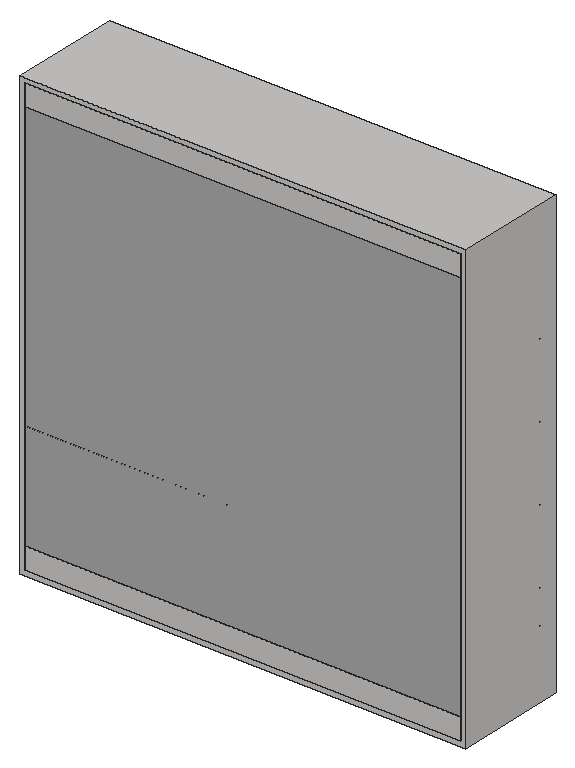
Revit family
Parameters (values of type "Louver_Acoustical_SAJ-1235_All-Lite")
  URL = "http://www.alllite-louvers.com"
  Specifications = "http://www.alllite-louvers.com/catalog/ASAJ-1235-csi-specification.doc"
  Spacing = 0.667 ft
  SmartBIM Object Version = 3  # constant formula
  SmartBIM Object Created By = "Reed Construction Data"  # constant formula
  Shim Thickness = 0.042 ft
  Screen Width = Width - (2 * Shim Thickness)  # 3.916 ft
  Screen Height = Height - ((2 * 0.197917 ft) + (2 * Shim Thickness))  # 3.520167 ft
  Screen = Aluminum
  Rough Width = 0.0 ft
  Rough Height = 0.0 ft
  Product URL = "http://www.alllite-louvers.com/catalog.php?model=SAJ-1235"
  Pressure Loss (in.wg.) = "0.08"  # constant formula
  OmniClass Title = "Exterior Louvers and Grilles"  # constant formula
  OmniClass Code = "23-60 11 17"  # constant formula
  Model Number = "SAJ-1235"  # constant formula
  Minimum Size = "12\" x 32\""
  Maximum Size - Single Section = "48\" x 96\""
  Maximum Size - Multiple Section = "Unlimited"
  Manufacturer = "All-Lite"  # constant formula
  Louver Width = Width - (2 * Shim Thickness) - 0.166667 ft  # 3.749333 ft
  Louver = Galvannealed Steel
  Height = 4.0 ft
  Free Area for 48”x48” Louver = "30.6%"
  Free Area Velocity (fpm) = "924"  # constant formula
  Free Area (ft²) for 48"x48" Louver = 4.9 ft
  Frame = Galvannealed Steel
  Default Sill Height = 3.0 ft
  Wall Closure = (empty or 0)
  Width = 4.0 ft
  Cut Sheet = "http://www.alllite-louvers.com/catalog/ASAJ1235.pdf"
  Assembly Code = "B2010300"
  Air Volume Delivered (cfm) = "4528"  # constant formula
  95 CSI = "10200 "  # constant formula
  04 CSI = "08 91 00"  # constant formula
  # of Louvers = (Height - 1.5 ft) / (Spacing)  # 4
Reference planes (ft)
  plane 1 "Center (Front/Back)": y = 0
  plane 2: z = 0.291667
  plane 3 "Center (Left/Right)": x = 0
  plane 4 "Left": x = -2
  plane 5 "Right": x = 2
  plane 6 "Sill": z = 3.291667
  plane 7 "Top": z = 7.291667
  plane 8: x = -1.958
  plane 9: x = 1.958
  plane 10: z = 7.249667
  plane 11: z = 3.333667
  plane 12: z = 5.291667
  plane 13: z = 3.417
  plane 14: z = 3.792
  plane 15: z = 7.166333
  plane 16: z = 7.124667
  plane 17: z = 6.791333
Forms (ft)
  Sweep 1, solid, material "Galvannealed Steel" <- "Frame"
    path origin (-5, 0.75, 0) x (-1, 0, 0) y (0, 0, 1)
      loop
        line (-6.958, 7.249667) -> (-3.042, 7.249667)
    profile "Horizontal Mullion : Horizontal Mullion" origin (0, 0.75, 7.249667) x (0, 0, 1) y (0, 1, 0)
      loop
        line (0, 0) -> (-0.083333, 0) -> (-0.083333, -1) -> (-0.197917, -1) -> (-0.197917, -1.00675) -> (0, -1.00675) -> (0, -0.965083) -> (-0.00675, -0.965083) -> (-0.00675, -1) -> (-0.076583, -1) -> (-0.076583, -0.006628) -> (-0.00675, -0.006628) -> (-0.00675, -0.041545) -> (0, -0.041545) -> (0, 0)
  Sweep 2, solid, material "Galvannealed Steel" <- "Frame"
    path origin (-5, 0.75, 0) x (-1, 0, 0) y (0, 0, 1)
      loop
        line (-6.958, 3.333667) -> (-3.042, 3.333667)
    profile "Horizontal Mullion : Horizontal Mullion" origin (0, 0.75, 3.333667) x (0, 0, 1) y (0, 1, 0)
      loop
        line (0, 0) -> (0, -0.041545) -> (0.00675, -0.041545) -> (0.00675, -0.006628) -> (0.076583, -0.006628) -> (0.076583, -1) -> (0.00675, -1) -> (0.00675, -0.965083) -> (0, -0.965083) -> (0, -1.00675) -> (0.197917, -1.00675) -> (0.197917, -1) -> (0.083333, -1) -> (0.083333, 0) -> (0, 0)
  Sweep 3, solid, material "Galvannealed Steel" <- "Frame"
    path origin (-5, 0.75, 0) x (-1, 0, 0) y (0, 0, 1)
      loop
        line (-6.958, 3.417) -> (-6.958, 7.166333)
    profile "Vertical Mullion : Vertical Mullion" origin (1.958, 0.75, 5.291667) x (1, 0, 0) y (0, 1, 0)
      loop
        line (0, -0.96875) -> (-0.010417, -0.96875) -> (-0.010417, -0.989583) -> (-0.072917, -0.989583) -> (-0.072917, -0.010417) -> (-0.010417, -0.010417) -> (-0.010417, -0.03125) -> (0, -0.03125) -> (0, 0) -> (-0.083333, 0) -> (-0.083333, -1) -> (0, -1) -> (0, -0.96875)
  Sweep 4, solid, material "Galvannealed Steel" <- "Frame"
    path origin (5, 0.75, 0) x (1, 0, 0) y (0, 0, -1)
      loop
        line (-6.958, -3.417) -> (-6.958, -7.166333)
    profile "Vertical Mullion : Vertical Mullion" origin (-1.958, 0.75, 5.291667) x (1, 0, 0) y (0, 1, 0)
      loop
        line (0, -0.96875) -> (0, -1) -> (0.083333, -1) -> (0.083333, 0) -> (0, 0) -> (0, -0.03125) -> (0.010417, -0.03125) -> (0.010417, -0.010417) -> (0.072917, -0.010417) -> (0.072917, -0.989583) -> (0.010417, -0.989583) -> (0.010417, -0.96875) -> (0, -0.96875)
  Sweep 5, solid, material "Galvannealed Steel" <- "Frame"
    path origin (-5, 0.75, 0) x (-1, 0, 0) y (0, 0, 1)
      loop
        line (-3, 7.291667) -> (-7, 7.291667) -> (-7, 3.291667) -> (-3, 3.291667) -> (-3, 7.291667)
    profile origin (-2, 0.75, 5.291667) x (0, 1, 0) y (-1, 0, 0)
      loop
        line (0, 0) -> (-1.00675, 0) -> (-1.00675, -0.042) -> (0, -0.042) -> (0, 0)
  Extrusion 6, solid, material "Aluminum" <- "Screen"
    sketch origin (0, 0, 0) x (1, 0, 0) y (0, 1, 0)
      loop
        line (-1.958, -0.25) -> (-1.958, -0.25675) -> (1.958, -0.25675) -> (1.958, -0.25) -> (-1.958, -0.25)
    from 3.531583 to 7.05175
  Sweep 7, solid, material "Galvannealed Steel" <- "Frame"
    path origin (-5, 0.75, 0) x (-1, 0, 0) y (0, 0, 1)
      loop
        line (-6.874667, 3.417) -> (-3.042, 3.417)
    profile origin (-0.041667, 0.75, 3.417) x (0, 0, 1) y (0, 1, 0)
      loop
        line (3.616683, -1) -> (3.749333, -1) -> (3.749333, 0) -> (2.916475, 0) -> (3.616683, -1)
      loop
        line (0.375, 0) -> (0, 0) -> (0, -1) -> (1.075208, -1) -> (0.375, 0)
Lines and regions (ft)
  Opening 1
    outline origin (-5, -0.75, 0) x (1, 0, 0) y (0, 0, 1)
      loop
        line (3, 7.291667) -> (3, 3.291667) -> (7, 3.291667) -> (7, 7.291667) -> (3, 7.291667)
  Masking region 1, detail levels coarse+medium
    outline origin (0, 0, 0) x (1, 0, 0) y (0, 1, 0)
      loop
        line (-2, -0.25675) -> (-1.874667, -0.25675) -> (-1.874667, 0.75) -> (-2, 0.75) -> (-2, -0.25675)
      loop
        line (2, 0.75) -> (1.874667, 0.75) -> (1.874667, -0.25675) -> (2, -0.25675) -> (2, 0.75)
  Masking region 2, detail levels fine
    outline origin (0, 0, 0) x (1, 0, 0) y (0, 1, 0)
      loop
        line (1.885083, 0.739583) -> (1.947583, 0.739583) -> (1.947583, 0.71875) -> (1.958, 0.71875) -> (1.958, 0.75) -> (1.874667, 0.75) -> (1.874667, -0.25) -> (1.958, -0.25) -> (1.958, -0.21875) -> (1.947583, -0.21875) -> (1.947583, -0.239583) -> (1.885083, -0.239583) -> (1.885083, 0.739583)
      loop
        line (-1.874667, -0.25) -> (-1.874667, 0.75) -> (-1.958, 0.75) -> (-1.958, 0.71875) -> (-1.947583, 0.71875) -> (-1.947583, 0.739583) -> (-1.885083, 0.739583) -> (-1.885083, -0.239583) -> (-1.947583, -0.239583) -> (-1.947583, -0.21875) -> (-1.958, -0.21875) -> (-1.958, -0.25) -> (-1.874667, -0.25)
Text (ft)
  text "EXTERIOR" at (-4.890733, 4.242245, 0), in view "Ref. Level"
  text "INTERIOR" at (-4.890733, -3.147199, 0), in view "Ref. Level"
  text "Exterior" at (0, 3.638026, 10.266337), in view "Left"
  text "Exterior" at (0, 1.524487, 10.420622), in view "Right"
Dimensions and locks (ft)
  equal spacing: plane 4 "Left", plane 3 "Center (Left/Right)", plane 5 "Right"
  "Width": plane 4 "Left" to plane 5 "Right"
  "Height": plane 6 "Sill" to plane 7 "Top"
  "Default Sill Height": plane 2 to plane 6 "Sill"
  "Shim Thickness": plane 4 "Left" to plane 8
  "Shim Thickness": plane 9 to plane 5 "Right"
  "Shim Thickness": plane 10 to plane 7 "Top"
  "Shim Thickness": plane 6 "Sill" to plane 11
  equal spacing: plane 11, plane 12, plane 10
  locked: plane 13 to plane 11 at 0.083333
  locked: plane 10 to plane 15 at 0.083333
  locked: plane 15 to plane 16 at 0.041667
  locked: plane 14 to plane 13 at 0.375
  equal spacing: group 1, group 3, group 4, group 2  (x3)
  locked: plane 17 to plane 15 at 0.375
  aligned and locked: plane 7 "Top" to Opening 1 sketch curve
  aligned and locked: plane 6 "Sill" to Opening 1 sketch curve  (x2)
  aligned and locked: plane 5 "Right" to Opening 1 sketch curve
  aligned and locked: plane 4 "Left" to Opening 1 sketch curve
  aligned and locked: plane 10 to Sweep 1 sketch curve
  aligned and locked: plane 8 to Sweep 1 sketch curve
  aligned and locked: plane 9 to Sweep 1 sketch curve
  aligned and locked: Sweep 2 sketch curve to plane 11
  aligned and locked: plane 9 to Sweep 2 sketch curve
  aligned and locked: plane 8 to Sweep 2 sketch curve
  aligned and locked: plane 9 to Sweep 3 sketch curve
  aligned and locked: Sweep 4 sketch curve to plane 8
  aligned and locked: Sweep 1 to Sweep 4 sketch curve
  aligned and locked: Sweep 5 sketch curve to plane 4 "Left"
  aligned and locked: Sweep 5 sketch curve to plane 7 "Top"
  aligned and locked: Sweep 5 sketch curve to plane 6 "Sill"
  aligned and locked: Sweep 5 sketch curve to plane 5 "Right"
  aligned and locked: Sweep 5 sketch curve to host wall  (x2)
  aligned and locked: plane 8 to Sweep 5 sketch curve
  aligned and locked: plane 3 "Center (Left/Right)" to nested 1
  aligned and locked: Sweep 3 sketch curve to Sweep 1
  aligned and locked: plane 13 to Sweep 3 sketch curve
  aligned and locked: Extrusion 6 sketch curve to plane 8
  aligned and locked: Extrusion 6 sketch curve to Sweep 4
  aligned and locked: Extrusion 6 sketch curve to Sweep 2
  aligned and locked: plane 9 to Extrusion 6 sketch curve
  aligned and locked: Extrusion 6 to Sweep 2
  aligned and locked: Extrusion 6 to Sweep 1
  aligned and locked: Sweep 5 sketch curve to Sweep 2
  aligned and locked: Sweep 7 sketch curve to plane 13
  aligned and locked: Sweep 7 sketch curve to Sweep 3
  aligned and locked: Sweep 5 to Sweep 7 sketch curve
  aligned and locked: plane 14 to nested 1
  aligned and locked: Sweep 5 to nested 1
  aligned and locked: nested 2 to plane 17
  aligned and locked: Sweep 5 to nested 2
  aligned and locked: Masking region 1 sketch curve to plane 4 "Left"
  aligned and locked: Masking region 1 sketch curve to Sweep 4  (x2)
  aligned and locked: Masking region 1 sketch curve to Sweep 5
  aligned and locked: Masking region 1 sketch curve to Sweep 3  (x2)
  aligned and locked: Masking region 1 sketch curve to plane 5 "Right"
  aligned and locked: Masking region 2 sketch curve to Sweep 3  (x11)
  aligned and locked: Masking region 2 sketch curve to Extrusion 6
  aligned and locked: Masking region 2 sketch curve to Sweep 4  (x10)
  aligned and locked: Sweep 5 to Masking region 2 sketch curve
  aligned and locked: Masking region 2 sketch curve to Sweep 7
  aligned and locked: Sweep 5 to Masking region 1 sketch curve
  aligned and locked: Sweep 7 sketch curve to Sweep 5
  aligned and locked: Sweep 1 to Sweep 7 sketch curve
  aligned and locked: Sweep 7 sketch curve to nested 1
  aligned and locked: Sweep 7 sketch curve to Sweep 4
  aligned and locked: Sweep 7 sketch curve to Sweep 7 sketch curve
  aligned and locked: Sweep 7 sketch curve to plane 15
  aligned and locked: plane 13 to Sweep 7 sketch curve
Automatic sketch dimensions
  Sweep 4 sketch curve to plane 13 = 0.0 ft
  Sweep 7 sketch curve to Sweep 7 sketch curve = 0.700208 ft
  Sweep 7 sketch curve to Sweep 7 sketch curve = 0.832858 ft
Nested families (ft)
  nested 1: "Louver" at (0, 0.502604, 3.792), type "Louver"
    with Louver Length 3.749333 ft
  nested 2: "Louver" at (0, 0.502604, 5.791333), type "Louver"
    with Louver Length 3.749333 ft
  nested 3: "Louver" at (0, 0.502604, 4.458444), type "Louver"
    with Louver Length 3.749333 ft
  nested 4: "Louver" at (0, 0.502604, 5.124889), type "Louver"
    with Louver Length 3.749333 ft
Connectors (ft)
  hvac at (0, -0.25675, 5.291667), driven by "Screen Width", driven by "Screen Height"
    settings: on Extrusion 6, index 1
Definition of nested family "Louver"
  Parameters (values of type "Louver")
    Louver Length = 2.25 ft
    Louver = none
    Assembly Code = ""
  Reference planes (ft)
    plane 1 "Center (Front/Back)": y = -0.252604
    plane 2: z = 0
    plane 3 "Center (Left/Right)": x = 0
    plane 4: x = -1.125
    plane 5: x = 1.125
    plane 6: y = 0.247396
    plane 7: y = -0.752604
    plane 8: z = 0.5
    plane 9: z = 1
  Forms (ft)
    Extrusion 1, solid, material <- "Louver"
      sketch origin (0, 0, 0) x (0, 1, 0) y (0, 0, 1)
        loop
          line (0.247396, 0) -> (0.247396, 0.305194) -> (-0.752604, 1.005401) -> (-0.752604, 0.700208) -> (0.247396, 0)
      from -1.125 to 1.125
  Dimensions and locks (ft)
    equal spacing: plane 4, plane 3 "Center (Left/Right)", plane 5
    "Louver Length": plane 4 to plane 5
    plane 1 "Center (Front/Back)" to plane 6 = 0.5 ft
    locked: plane 6 to plane 7 at 1
    plane 6 to plane 1 "Center (Front/Back)" to plane 7 = 0.5 ft, 0.5 ft
    Extrusion 1 sketch curve to Extrusion 1 sketch curve = 0.25 ft  (x2)
    equal spacing: level, plane 8, plane 9
    locked: level to plane 9 at 1
    angle level to Extrusion 1 sketch curve = 35.00°
    angle plane 8 to Extrusion 1 sketch curve = 35.00°
    aligned and locked: plane 5 to Extrusion 1
    aligned and locked: Extrusion 1 to plane 4
  Automatic sketch dimensions
    Extrusion 1 sketch curve to plane 7 = 0.0 ft
    Extrusion 1 sketch curve to plane 6 = 0.0 ft
    Extrusion 1 sketch curve to level = 0.0 ft
